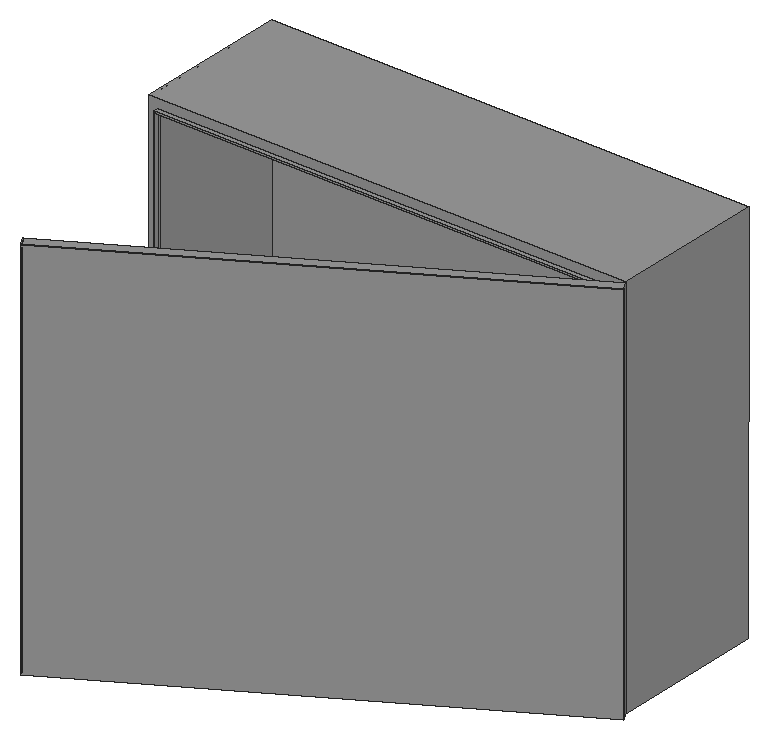
Revit family "Hager-Univers-IP55-D275-H650-Cl.II-Steel_encl-NoHosted-BE-en", category Equipement électrique, Revit 2020
Family settings
  Configuration du panneau = Deux colonnes, circuits au sein
  Cote de connecteur circulaire = Utiliser le diamètre
  Type d'élément = Tableau de raccordement
  Basée sur le plan de construction = Oui
  Toujours verticalement = Oui
  Couper avec des vides une fois chargée = Non
  Partagée = Non
  Point de calcul de pièce = Non
Parameters (values of type "Surface mounted (plaster) IP55 W800 H650 D275  - FR43S")
  Width Control [instance] = if([EF000008 - Width] > Min Width, [EF000008 - Width], Min Width)  # 800 mm
  Commentaires du type = [HG000003 - Range]  # "Univers"
  Thickness Door [instance] = if([EF009171 - Material plate thickness door/cover] > 3 mm, 3 mm, [EF009171 - Material plate thickness door/cover])  # 1.5 mm
  Seal Frame Offset [instance] = 17 mm  # constant formula
  Plinth Visibility [instance] = [HG000027 - Plinth height] > 0 mm  # no
  Min Width [instance] = 100 mm  # constant formula
  Min Depth [instance] = (2 * [EF009170 - Material plate thickness cabinet]) + 1 mm  # 4 mm
  Min Height [instance] = 100 mm  # constant formula
  Internal Frame Depth [instance] = (Door System Depth * 0.5)  # 9 mm
  Panel Name [instance] = ""  # (empty or 0)
  Model = ""
  HG000027 - Plinth height = 0 mm
  HG000026 - Floor standing = no
  HG000024 - Bottom section height = 600 mm
  HG000023 - Double section enclosure = no
  HG000016 - Door 3d visibility [instance] = yes
  HG000015 - Clearance visibility [instance] = no
  HG000014 - Door on the right [instance] = yes
  HG000013 - Door on the left [instance] = not([HG000014 - Door on the right])  # no
  HG000012 - Door swing angle [instance] = 30.00°
  HG000010 - Asymmetric doors = no
  HG000009 - Double swing door = no
  HG000006 - Flush mounted = no
  HG000004 - Manufacturer reference = "FR43S"
  HG000003 - Range = "Univers"
  HG000002 - With door or cover = yes
  Frame Offset Bottom [instance] = 10 mm  # constant formula
  Frame Offset [instance] = 15 mm  # constant formula
  EF015940 - Cover with overpressure release = no
  EF011959 - Degree of protection (NEMA) = ""
  EF009554 - Number of openings for flange plates = 6
  EF009212 - Cover model = "EV000116 - Closed"
  EF009171 - Material plate thickness door/cover = 1.5 mm
  EF009170 - Material plate thickness cabinet = 1.5 mm
  EF008873 - Nominal current (In) = 800 A
  EF007800 - Suitable for lightning protection = no
  EF006306 - With lock = no
  EF006244 - Transparent cover/door = no
  EF005474 - Degree of protection (IP) = "EV006420 - IP55"
  EF004464 - Type of door = "EV002646 - Single"
  EF004427 - Number of modules = 144
  EF004293 - Impact strength = "EV008784 - IK10"
  EF003532 - Suitable for outdoor use = no
  EF002950 - Width in number of modular spacings = 24
  EF001613 - Circuit integrity = "EV000494 - None"
  EF001596 - Material housing = "EV000179 - Steel"
  EF001131 - Internal depth = 275 mm
  EF001088 - Extension possible = yes
  EF000437 - Number of conduit inlets = 6
  EF000339 - Type of cover = "EV004216 - Door"
  EF000266 - Number of rows = 4
  EF000218 - Built-in depth = 0 mm
  EF000118 - With mounting plate = no
  EF000116 - RAL-number = "7035"
  EF000049 - Depth = 275 mm
  EF000040 - Height = 650 mm
  EF000008 - Width = 800 mm
  EF000007 - Colour = "EV000270 - Grey"
  EF000003 - Mounting method = "EV000384 - Surface mounted (plaster)"
  Door System Leaf Tolerance [instance] = 1.5 mm  # constant formula
  Door System Depth [instance] = 18 mm  # constant formula
  Door Height [instance] = Height Control - [HG000027 - Plinth height]  # 650 mm
  Description = ""
  Default Elevation = 1219.2 mm
  Connector Offset [instance] = Height Control / 2  # 325 mm
  Fabricant = "Hager"  # constant formula
  Height Control [instance] = if([EF000040 - Height] > Min Height, [EF000040 - Height], Min Height)  # 650 mm
  Depth Control [instance] = if([EF000049 - Depth] > Min Depth, [EF000049 - Depth], Min Depth)  # 275 mm
  Bottom Top Plate Trim [instance] = 1.5 mm  # constant formula
  Plinth height Ctrl [instance] = if([HG000027 - Plinth height] > 0 mm, [HG000027 - Plinth height], 12 mm)  # 12 mm
Types (5, lengths in mm): name | Width Control | HG000010 - Asymmetric doors | HG000009 - Double swing door | HG000004 - Manufacturer reference | EF009554 - Number of openings for flange plates | EF004464 - Type of door | EF004427 - Number of modules | EF000437 - Number of conduit inlets | EF000008 - Width
  Surface mounted (plaster) IP55 W1050 H650 D275  - FR44S | 1050 | no | yes | "FR44S" | 8 | "EV003602 - Double" | 192 | 8 | 1050
  Surface mounted (plaster) IP55 W1300 H650 D275  - FR45S | 1300 | yes | yes | "FR45S" | 10 | "EV003602 - Double" | 240 | 10 | 1300
  Surface mounted (plaster) IP55 W300 H650 D275  - FR41S | 300 | no | no | "FR41S" | 2 | "EV002646 - Single" | 48 | 2 | 300
  Surface mounted (plaster) IP55 W550 H650 D275  - FR42S | 550 | no | no | "FR42S" | 4 | "EV002646 - Single" | 96 | 4 | 550
  Surface mounted (plaster) IP55 W800 H650 D275  - FR43S | 800 | no | no | "FR43S" | 6 | "EV002646 - Single" | 144 | 6 | 800
Reference planes
  plane 1 "Center (Front/Back)": y = 0
  plane 2: z = 0
  plane 3 "Center (Left/Right)": x = 0
  plane 4: y = 0
  plane 5: y = 0
  plane 6: z = 0
  plane 7: x = -400
  plane 8: x = 400
  plane 9: x = 398.5
  plane 10: x = -398.5
  plane 11: z = 0
  plane 12: z = 1.5
  plane 13: y = -275
  plane 14: y = -1.5
  plane 15: x = 0
  plane 16: y = -257
  plane 17: y = -273.5
  plane 18: y = -255.5
  plane 19: x = -383.5
  plane 20: x = 383.5
  plane 21: z = 11.5
  plane 22: x = -383
  plane 23: x = 383
  plane 24: z = 0
  plane 25: z = 650
  plane 26: z = 650
  plane 27: z = 633.5
  plane 28: z = 648.5
Forms (mm)
  Extrusion 1, solid, material "Hager_Steel_RAL7035_Light_Grey", detail levels medium+fine
    sketch origin (-208.679, -4572, 0) x (-1, 0, 0) y (0, -1, 0)
      loop
        line (191.321, -4315) -> (-608.679, -4315) -> (-608.679, -4572) -> (191.321, -4572) -> (191.321, -4315)
    from 0 to 650
  Extrusion 2, void
    sketch origin (-350.771, -275, 1219.2) x (1, 0, 0) y (0, 0, 1)
      loop
        line (-47.729, -570.7) -> (-47.729, -1217.7) -> (749.271, -1217.7) -> (749.271, -570.7) -> (-47.729, -570.7)
    from -19.5 to -273.5
  Extrusion 3, void
    sketch origin (-290.084, -257, 1219.2) x (1, 0, 0) y (0, 0, 1)
      loop
        line (-93.416, -1207.7) -> (673.584, -1207.7) -> (673.584, -585.7) -> (-93.416, -585.7) -> (-93.416, -1207.7)
    from 0 to -1.5
  Extrusion 4, solid, material "Hager_Steel_RAL7035_Light_Grey", visible <- "Plinth Visibility", detail levels medium+fine
    sketch origin (0, 0, 0) x (1, 0, 0) y (0, 1, 0)
      loop
        line (-400, 0) -> (-400, -257) -> (400, -257) -> (400, 0) -> (-400, 0)
    from 0 to 12 <- "Plinth height Ctrl"
  Extrusion 5, solid, material "Hager_Steel_RAL7035_Light_Grey", detail levels coarse
    sketch origin (0, 0, 0) x (1, 0, 0) y (0, 1, 0)
      loop
        line (-400, 0) -> (-400, -275) -> (400, -275) -> (400, 0) -> (-400, 0)
    from 0 to 650 <- "Height Control"
  Sweep 6, void
    path in 3D
      loop
        line (-400, -257, 12) -> (400, -257, 12) -> (400, 0, 12) -> (-400, 0, 12) -> (-400, -257, 12)
    profile origin (-400, -128.5, 12) x (1, 0, 0) y (0, 0, 1)
      loop
        line (0, 0) -> (0, -1.5) -> (1.5, -1.5)
        arc (1.5, -1.5) -> (1.061, -0.439) -> (0, 0) r 1.5
  Extrusion 7, solid, material "Hager_Steel_RAL7035_Light_Grey", detail levels fine
    sketch origin (-400, -257, 0) x (1, 0, 0) y (0, 0, 1)
      loop
        line (16.5, 11.5) -> (783.5, 11.5) -> (783.5, 633.5) -> (16.5, 633.5) -> (16.5, 11.5)
      loop
        line (15, 10) -> (785, 10) -> (785, 635) -> (15, 635) -> (15, 10)
    from 0 to 9 <- "Internal Frame Depth"
Cuts and joins
  Extrusion 2, Extrusion 3 cuts Extrusion 1
  Sweep 6 cuts Extrusion 4
Lines and regions (mm)
  Masking region 1
    outline origin (0, 0, 0) x (1, 0, 0) y (0, 1, 0)
      loop
        line (-400, 0) -> (-400, -275) -> (400, -275) -> (400, 0) -> (-400, 0)
  Masking region 2, detail levels coarse
    outline origin (-290.084, -257, 1219.2) x (-1, 0, 0) y (0, 0, 1)
      loop
        line (-690.084, -1219.2) -> (109.916, -1219.2) -> (109.916, -569.2) -> (-690.084, -569.2) -> (-690.084, -1219.2)
  Masking region 3, detail levels coarse
    outline origin (0, 0, 0) x (0, 1, 0) y (0, 0, 1)
      loop
        line (0, 0) -> (0, 650) -> (-275, 650) -> (-275, 0) -> (0, 0)
  Masking region 4, visible <- "Plinth Visibility", detail levels medium+fine
    outline origin (0, 0, 0) x (0, 1, 0) y (0, 0, 1)
      loop
        line (-1.5, 12) -> (-255.5, 12)
        arc (-255.5, 12) -> (-255.939, 10.939) -> (-257, 10.5) r 1.5
        line (-257, 10.5) -> (-257, 0) -> (0, 0) -> (0, 10.5)
        arc (0, 10.5) -> (-1.061, 10.939) -> (-1.5, 12) r 1.5
  Masking region 5, detail levels medium+fine
    outline origin (0, 0, 594.038) x (0, 1, 0) y (0, 0, 1)
      loop
        line (0, -594.038) -> (0, 55.962) -> (-257, 55.962) -> (-257, -594.038) -> (0, -594.038)
  Masking region 6, detail levels medium+fine
    outline origin (-359.7, -257, 1211.883) x (-1, 0, 0) y (0, 0, 1)
      loop
        line (-759.7, -1211.883) -> (40.3, -1211.883) -> (40.3, -561.883) -> (-759.7, -561.883) -> (-759.7, -1211.883)
  Masking region 7, visible <- "Plinth Visibility", detail levels medium+fine
    outline origin (-320.334, -257, 1041.368) x (-1, 0, 0) y (0, 0, 1)
      loop
        line (-720.334, -1041.368) -> (79.666, -1041.368) -> (79.666, -1030.868)
        arc (79.666, -1030.868) -> (78.606, -1030.429) -> (78.166, -1029.368) r 1.5
        line (78.166, -1029.368) -> (-718.834, -1029.368)
        arc (-718.834, -1029.368) -> (-719.273, -1030.429) -> (-720.334, -1030.868) r 1.5
        line (-720.334, -1030.868) -> (-720.334, -1041.368)
  sketch lines
    curve 1: line (-400, 0, 12) -> (-400, -257, 12)
    curve 2: line (-400, -257, 12) -> (400, -257, 12)
    curve 3: line (400, 0, 12) -> (-400, 0, 12)
    curve 4: line (400, -257, 12) -> (400, 0, 12)
Dimensions and locks
  locked: plane 1 "Center (Front/Back)" to plane 5
  "EF009170 - Material plate thickness cabinet": plane 7 to plane 10
  "EF009170 - Material plate thickness cabinet": plane 8 to plane 9
  equal spacing: plane 7, plane 3 "Center (Left/Right)", plane 8
  "Width Control": plane 7 to plane 8
  "Depth Control": plane 4 to plane 13
  "EF009170 - Material plate thickness cabinet": plane 4 to plane 14
  "Height Control": plane 25 to level
  "HG000027 - Plinth height": plane 11 to level
  "EF009170 - Material plate thickness cabinet": plane 12 to plane 11
  "EF009170 - Material plate thickness cabinet": plane 17 to plane 13
  "EF009170 - Material plate thickness cabinet": plane 18 to plane 16
  "Frame Offset Bottom": plane 21 to plane 12
  "Frame Offset": plane 10 to plane 19
  "Frame Offset": plane 9 to plane 20
  "Door System Depth": plane 16 to plane 13
  "Seal Frame Offset": plane 7 to plane 22
  "Seal Frame Offset": plane 8 to plane 23
  "EF009170 - Material plate thickness cabinet": plane 26 to plane 28
  "Frame Offset": plane 28 to plane 27
  "Connector Offset": plane 2 to connector elem
  "Bottom Top Plate Trim": profile plane to Sweep 6 sketch curve
  "Bottom Top Plate Trim": Sweep 6 sketch curve to Sweep 6 sketch curve
  "Plinth height Ctrl": Masking region 4 sketch curve to level
  "Plinth height Ctrl": Masking region 7 sketch curve to level
  "Thickness Door": Extrusion 7 sketch curve to Extrusion 7 sketch curve  (x4)
  "Bottom Top Plate Trim": radius of Sweep 6 sketch curve
  "Bottom Top Plate Trim": radius of Masking region 4 sketch curve  (x2)
  "Bottom Top Plate Trim": radius of Masking region 7 sketch curve  (x2)
  aligned and locked: Extrusion 2 sketch curve to plane 12
  aligned and locked: Extrusion 2 sketch curve to plane 9
  aligned and locked: Extrusion 2 sketch curve to plane 10
  aligned and locked: Extrusion 2 to plane 14
  aligned and locked: Extrusion 1 sketch curve to plane 4
  aligned and locked: plane 8 to Extrusion 1 sketch curve
  aligned and locked: plane 7 to Extrusion 1 sketch curve
  aligned and locked: Extrusion 2 to plane 18
  aligned and locked: Extrusion 3 sketch curve to plane 19
  aligned and locked: plane 20 to Extrusion 3 sketch curve
  aligned and locked: Extrusion 3 to Extrusion 2
  aligned and locked: Extrusion 3 sketch curve to plane 21
  aligned and locked: plane 3 "Center (Left/Right)" to nested 1
  aligned and locked: Extrusion 1 sketch curve to plane 16
  aligned and locked: Extrusion 4 sketch curve to cut or joined group of Extrusion 1, Extrusion 2, Extrusion 3
  aligned and locked: Masking region 1 sketch curve to plane 7
  aligned and locked: Masking region 1 sketch curve to plane 5
  aligned and locked: Masking region 1 sketch curve to plane 8
  aligned and locked: Masking region 2 sketch curve to level
  aligned and locked: level to Masking region 3 sketch curve
  aligned and locked: plane 1 "Center (Front/Back)" to Masking region 3 sketch curve
  aligned and locked: plane 13 to Masking region 3 sketch curve
  aligned and locked: plane 5 to Masking region 4 sketch curve
  aligned and locked: Masking region 2 sketch curve to plane 8
  aligned and locked: Masking region 2 sketch curve to plane 7
  aligned and locked: plane 7 to nested 2
  aligned and locked: nested 2 to plane 5
  aligned and locked: plane 5 to Masking region 5 sketch curve
  aligned and locked: plane 26 to Masking region 5 sketch curve
  aligned and locked: Extrusion 5 sketch curve to plane 8
  aligned and locked: Extrusion 5 sketch curve to plane 7
  aligned and locked: Extrusion 5 sketch curve to plane 5
  aligned and locked: Extrusion 3 sketch curve to plane 27
  aligned and locked: Extrusion 2 sketch curve to plane 28
  aligned and locked: Masking region 2 to plane 25
  aligned and locked: Extrusion 4 to plane 16
  aligned and locked: profile plane to Sweep 6 sketch curve
  aligned and locked: Masking region 5 sketch curve to plane 24
  aligned and locked: level to Masking region 4 sketch curve
  aligned and locked: Masking region 1 to plane 13
  aligned and locked: nested 1 to plane 16
  aligned and locked: Masking region 3 to plane 25
  aligned and locked: plane 16 to Masking region 4 sketch curve
  aligned and locked: Masking region 5 sketch curve to plane 16
  aligned and locked: plane 24 to plane 11
  aligned and locked: plane 26 to plane 25
  aligned and locked: plane 26 to cut or joined group of Extrusion 1, Extrusion 2, Extrusion 3
  aligned and locked: nested 1 to plane 24
  aligned and locked: Extrusion 1 to Extrusion 3
  aligned and locked: Masking region 6 sketch curve to plane 8
  aligned and locked: Masking region 6 sketch curve to plane 24
  aligned and locked: Masking region 6 sketch curve to plane 7
  aligned and locked: Masking region 6 sketch curve to plane 26
  aligned and locked: Masking region 7 sketch curve to plane 7
  aligned and locked: level to Masking region 7 sketch curve
  aligned and locked: Masking region 7 sketch curve to plane 8
  aligned and locked: Extrusion 7 sketch curve to cut or joined group of Extrusion 1, Extrusion 2, Extrusion 3  (x4)
Automatic sketch dimensions
  plane 19 to Extrusion 3 sketch curve = 0 mm
  Extrusion 3 sketch curve to plane 20 = 0 mm
  Extrusion 3 sketch curve to plane 21 = 0 mm
  Extrusion 4 sketch curve to plane 7 = 0 mm
  Extrusion 4 sketch curve to plane 8 = 0 mm
  Extrusion 4 sketch curve to plane 16 = 0 mm
  Masking region 1 sketch curve to plane 13 = 0 mm
  Masking region 2 sketch curve to plane 25 = 0 mm
  Masking region 3 sketch curve to plane 25 = 0 mm
  Extrusion 5 sketch curve to plane 13 = 0 mm
  profile plane to Sweep 6 sketch curve = 0 mm
Nested families
  nested 1: "EC000058_Univers_Door" at (0, -257, 0), Double <- "HG000009 - Double swing door", Transparent <- "EF006244 - Transparent cover/door", Angle <- "HG000012 - Door swing angle", Door_Right <- "HG000014 - Door on the right", Assymetrical <- "HG000010 - Asymmetric doors", Door <- "HG000002 - With door or cover", Width_Ctrl <- "Width Control", 3d_Door <- "HG000016 - Door 3d visibility", Clearance <- "HG000015 - Clearance visibility", Door_Left <- "HG000013 - Door on the left", Width <- "Width Control", Door_Depth <- "Door System Depth", Leaf_Tolerance <- "Door System Leaf Tolerance", Height <- "Door Height", Lock_Visibility <- "EF006306 - With lock", Thickness <- "Thickness Door", type "EC000058_Univers_Door", detail levels medium+fine
    with min_wh 4 mm, Width_Ctrl 800 mm, Width 800 mm, Transparent no, Thickness 1.5 mm, Seal_Material Hager_Rubber, Lock_Visibility no, Lock_Material Hager_Plastic_RAL9005_Jet_Black, Leaf_Width 800 mm, Leaf_Tolerance_External_Sides 0 mm, Leaf_Tolerance 1.5 mm, Leaf_Offset 0 mm, Leaf_Height 647 mm, Leaf_2_Width 800 mm, Leaf_2_Offset 400 mm, Leaf_1_Width 800 mm, Leaf_1_Offset 400 mm, Height_Ctrl 650 mm, Height 650 mm, Glass_Material Hager_Glass, Double_Clearance_Ctrl no, Double no, Door_Right_Ctrl yes, Door_Right yes, Door_Material Hager_Steel_RAL7035_Light_Grey, Door_Left_Ctrl no, Door_Left no, Door_Depth 18 mm, Door yes, Clearance_Material Hager_Clearance, Clearance_Depth 800 mm, Clearance_Ctrl no, Clearance no, Assymetrical no, Angle 30.00°, 3d_Door yes
  nested 2: "Hager_Enclosure_Symbol" at (-400, 0, 0), Height <- "Depth Control", Width <- "Width Control", type "Hager_Enclosure_Symbol"
    with Width_Ctrl 800 mm, Width 800 mm, Height_Ctrl 275 mm, Height 275 mm, A_Width_Int 18.047 mm, A_Width 216.562 mm, A_Height_Ctrl 240.625 mm, A_Height 240.625 mm
Connectors
  electrical at (0, 0, 325)
    settings: on plane 1 "Center (Front/Back)", index 1, voltage 0 V, apparent load 0 VA, apparent load phase1 0 VA, apparent load phase2 0 VA, apparent load phase3 0 VA, power factor 1, load classification "Other", number of poles 1, system type 30, power factor state 1, is connector primary yes, connector utility no, sub classification motor no, connector description ""
Definition of nested family "EC000058_Univers_Door"
  Parameters (values of type "EC000058_Univers_Door")
    min_wh [instance] = (2 * Thickness) + 1 mm  # 11 mm
    Width_Ctrl [instance] = 400 mm
    Width [instance] = 500 mm
    Transparent [instance] = yes
    Thickness [instance] = 5 mm
    Seal_Material [instance] = none
    Lock_Visibility [instance] = yes
    Lock_Material [instance] = none
    Leaf_Width [instance] = if((Width_Ctrl - 2 * Leaf_Tolerance_External_Sides) > 0 mm, (Width_Ctrl - 2 * Leaf_Tolerance_External_Sides), min_wh)  # 400 mm
    Leaf_Tolerance_External_Sides [instance] = 0 mm  # constant formula
    Leaf_Tolerance [instance] = 1.5 mm
    Leaf_Offset [instance] = 0 mm  # constant formula
    Leaf_Height [instance] = if((Height_Ctrl - 2 * Leaf_Tolerance) > 0 mm, (Height_Ctrl - 2 * Leaf_Tolerance), min_wh)  # 497 mm
    Leaf_2_Width [instance] = if(and(and(Double, Assymetrical), Door_Left), (Leaf_Width / 3) - (Leaf_Tolerance / 2), if(and(and(Double, Assymetrical), Door_Right), (Leaf_Width / 3) * 2 - (Leaf_Tolerance / 2), if(and(Double, not(Assymetrical)), (Leaf_Width / 2) - Leaf_Tolerance, Leaf_Width)))  # 400 mm
    Leaf_2_Offset [instance] = if(and(Double, Assymetrical), Leaf_2_Width / 2, if(and(Double, not(Assymetrical)), Leaf_Width / 4, Leaf_Width / 2))  # 200 mm
    Leaf_1_Width [instance] = if(and(and(Double, Assymetrical), Door_Right), (Leaf_Width / 3) - (Leaf_Tolerance / 2), if(and(and(Double, Assymetrical), Door_Left), (Width / 3) * 2 - (Leaf_Tolerance / 2), if(and(Double, not(Assymetrical)), (Leaf_Width / 2) - Leaf_Tolerance, Leaf_Width)))  # 400 mm
    Leaf_1_Offset [instance] = if(and(Double, Assymetrical), Leaf_1_Width / 2, if(and(Double, not(Assymetrical)), Leaf_Width / 4, Leaf_Width / 2))  # 200 mm
    Height_Ctrl [instance] = if(Height > min_wh, Height, min_wh)  # 500 mm
    Height [instance] = 500 mm
    Glass_Material [instance] = none
    Double_Clearance_Ctrl [instance] = and(Double, Clearance)  # no
    Double [instance] = no
    Door_Right_Ctrl [instance] = and(or(Door_Right, Double), Door)  # yes
    Door_Right [instance] = yes
    Door_Material [instance] = none
    Door_Left_Ctrl [instance] = and(or(Door_Left, Double), Door)  # no
    Door_Left [instance] = no
    Door_Depth [instance] = 30 mm
    Door [instance] = yes
    Default Elevation = 1219.2 mm
    Clearance_Material [instance] = none
    Clearance_Depth [instance] = if(Leaf_1_Width > Leaf_2_Width, Leaf_1_Width, Leaf_2_Width)  # 400 mm
    Clearance_Ctrl [instance] = and(not(Double), Clearance)  # yes
    Clearance [instance] = yes
    Assymetrical [instance] = yes
    Angle [instance] = 30.00°
    3d_Door [instance] = yes
  Reference planes
    plane 1 "Center (Front/Back)": y = 0
    plane 2 "Bottom": z = 0
    plane 3 "Center (Left/Right)": x = 0
    plane 4: z = 500
    plane 5: x = -200
    plane 6: x = 200
    plane 7: z = 500
    plane 8: x = -200
    plane 9: z = 0
    plane 10: x = 200
    plane 11: y = 0
    plane 12: z = 1.5
    plane 13: x = -600
    plane 14: y = -400
    plane 15: x = 600
    plane 16: x = 0
    plane 17: x = 0
    plane 18: x = -200
    plane 19: x = 200
    plane 20: z = 498.5
  Forms (mm)
    Extrusion 1, solid, material <- "Clearance_Material", visible <- "Double_Clearance_Ctrl"
      sketch origin (1200, 0, 0) x (1, 0, 0) y (0, 0, -1)
        loop
          line (-1800, -498.5) -> (-600, -498.5) -> (-600, 0) -> (-1800, 0) -> (-1800, -498.5)
      from 0 to -400
  Dimensions and locks
    equal spacing: plane 5, plane 3 "Center (Left/Right)", plane 6
    "Width_Ctrl": plane 5 to plane 6
    "Leaf_Offset": plane 5 to plane 8
    "Leaf_Offset": plane 6 to plane 10
    "Leaf_Offset": plane 9 to level
    "Leaf_Offset": plane 4 to plane 7
    "Height_Ctrl": plane 4 to level
    "Leaf_Tolerance": plane 12 to plane 9
    locked: plane 11 to plane 1 "Center (Front/Back)"
    "Leaf_1_Offset": plane 18 to plane 16
    "Leaf_2_Offset": plane 17 to plane 19
    "Leaf_1_Width": plane 13 to plane 8
    "Leaf_2_Width": plane 10 to plane 15
    "Clearance_Depth": plane 14 to plane 1 "Center (Front/Back)"
    "Leaf_Tolerance_External_Sides": plane 8 to plane 18
    "Leaf_Tolerance_External_Sides": plane 19 to plane 10
    "Leaf_Tolerance": plane 7 to plane 20
    aligned and locked: level to plane 2 "Bottom"
    aligned and locked: nested 1 to plane 16
    aligned and locked: nested 2 to plane 17
    aligned and locked: Extrusion 1 to plane 13
    aligned and locked: plane 15 to Extrusion 1
    aligned and locked: Extrusion 1 to plane 14
    aligned and locked: plane 12 to nested 1
    aligned and locked: nested 2 to plane 12
    aligned and locked: Extrusion 1 to plane 11
    aligned and locked: plane 20 to Extrusion 1
    aligned and locked: nested 2 to plane 11
    aligned and locked: nested 1 to plane 11
  Automatic sketch dimensions
    Extrusion 1 sketch curve to level = 0 mm
    plane 5 to Extrusion 1 sketch curve = 400 mm
    plane 6 to Extrusion 1 sketch curve = 400 mm
    Extrusion 1 sketch curve to plane 4 = 1.5 mm
  Nested families
    nested 1: "EC000058_Univers_Door_Leaf" at (0, 0, 1.5), Width <- "Leaf_1_Width", visible <- "Door_Left_Ctrl", Leaf_Height <- "Leaf_Height", Angle <- "Angle", 3d_Door <- "3d_Door", Transparent <- "Transparent", Clearance Material <- "Clearance_Material", Clearance <- "Clearance_Ctrl", Door_Material <- "Door_Material", Glass_Material <- "Glass_Material", Door_Depth <- "Door_Depth", Lock_Material <- "Lock_Material", Seal_Material <- "Seal_Material", Lock_Visibility <- "Lock_Visibility", Thickness <- "Thickness", type "EC000058_Univers_Door_Leaf"
      with Width 400 mm, Transparent_Glass_Offset 30 mm, Transparent_Ctrl yes, Transparent yes, Thickness 5 mm, Standard no, Seal_Material none, Seal_D2 8 mm, Seal_D1 1 mm, Offset_Internal_Frame 10 mm, Lock_Width 20 mm, Lock_Visibility_3d yes, Lock_Visibility yes, Lock_Thickness_3 3 mm, Lock_Thickness_2 1 mm, Lock_Thickness_1 3 mm, Lock_Radius_Offset_2 16 mm, Lock_Radius_Offset_1 15 mm, Lock_Radius_2 5 mm, Lock_Radius 6 mm, Lock_Offset 5 mm, Lock_Material none, Lock_Height 80 mm, Lock_Cover_Top_Offset_2d 17 mm, Lock_Cover_Height -65 mm, Leaf_Height 497 mm, Internal_Seal_Thickness 8 mm, Internal_Seal_Depth_2 4.5 mm, Internal_Frame_Depth 25 mm, Glass_Thickness -1 mm, Glass_Offset -2 mm, Glass_Material none, Door_Material none, Door_Depth 30 mm, Clearance Material none, Clearance yes, Angle_Ctrl 30.00°, Angle 30.00°, 3d_Door yes
    nested 2: "EC000058_Univers_Door_Leaf" at (0, 0, 1.5) x (-1, 0, 0) z (0, 0, 1), Width <- "Leaf_2_Width", visible <- "Door_Right_Ctrl", Leaf_Height <- "Leaf_Height", Angle <- "Angle", 3d_Door <- "3d_Door", Transparent <- "Transparent", Clearance Material <- "Clearance_Material", Clearance <- "Clearance_Ctrl", Door_Material <- "Door_Material", Glass_Material <- "Glass_Material", Door_Depth <- "Door_Depth", Lock_Material <- "Lock_Material", Seal_Material <- "Seal_Material", Lock_Visibility <- "Lock_Visibility", Thickness <- "Thickness", type "EC000058_Univers_Door_Leaf"
      with Width 400 mm, Transparent_Glass_Offset 30 mm, Transparent_Ctrl yes, Transparent yes, Thickness 5 mm, Standard no, Seal_Material none, Seal_D2 8 mm, Seal_D1 1 mm, Offset_Internal_Frame 10 mm, Lock_Width 20 mm, Lock_Visibility_3d yes, Lock_Visibility yes, Lock_Thickness_3 3 mm, Lock_Thickness_2 1 mm, Lock_Thickness_1 3 mm, Lock_Radius_Offset_2 16 mm, Lock_Radius_Offset_1 15 mm, Lock_Radius_2 5 mm, Lock_Radius 6 mm, Lock_Offset 5 mm, Lock_Material none, Lock_Height 80 mm, Lock_Cover_Top_Offset_2d 17 mm, Lock_Cover_Height -65 mm, Leaf_Height 497 mm, Internal_Seal_Thickness 8 mm, Internal_Seal_Depth_2 4.5 mm, Internal_Frame_Depth 25 mm, Glass_Thickness -1 mm, Glass_Offset -2 mm, Glass_Material none, Door_Material none, Door_Depth 30 mm, Clearance Material none, Clearance yes, Angle_Ctrl 30.00°, Angle 30.00°, 3d_Door yes
  Definition of nested family "EC000058_Univers_Door_Leaf"
    Parameters (values of type "EC000058_Univers_Door_Leaf")
      Width [instance] = 2000 mm
      Transparent_Glass_Offset [instance] = 30 mm
      Transparent_Ctrl [instance] = and(Transparent, [3d_Door])  # yes
      Transparent [instance] = yes
      Thickness [instance] = 5 mm
      Standard [instance] = and(not(Transparent), [3d_Door])  # no
      Seal_Material [instance] = none
      Seal_D2 [instance] = 8 mm  # constant formula
      Seal_D1 [instance] = 1 mm  # constant formula
      Offset_Internal_Frame [instance] = 10 mm  # constant formula
      Lock_Width [instance] = 20 mm  # constant formula
      Lock_Visibility_3d [instance] = and(Lock_Visibility, [3d_Door])  # yes
      Lock_Visibility [instance] = yes
      Lock_Thickness_3 [instance] = 3 mm  # constant formula
      Lock_Thickness_2 [instance] = 1 mm  # constant formula
      Lock_Thickness_1 [instance] = 3 mm  # constant formula
      Lock_Radius_Offset_2 [instance] = Lock_Radius_Offset_1 + 1 mm  # 16 mm
      Lock_Radius_Offset_1 [instance] = 15 mm  # constant formula
      Lock_Radius_2 [instance] = Lock_Radius - 1 mm  # 5 mm
      Lock_Radius [instance] = 6 mm  # constant formula
      Lock_Offset [instance] = 5 mm  # constant formula
      Lock_Material [instance] = none
      Lock_Height [instance] = 80 mm  # constant formula
      Lock_Cover_Top_Offset_2d [instance] = Lock_Radius_Offset_2 + 1 mm  # 17 mm
      Lock_Cover_Height [instance] = -(Lock_Height - Lock_Radius_Offset_1)  # -65 mm
      Leaf_Height [instance] = 2720.336 mm
      Internal_Seal_Thickness [instance] = 8 mm  # constant formula
      Internal_Seal_Depth_2 [instance] = 4.5 mm  # constant formula
      Internal_Frame_Depth [instance] = if(Door_Depth - Thickness > 5 mm, Door_Depth - Thickness, 5 mm)  # 25 mm
      Glass_Thickness [instance] = if(Thickness > 15 mm, Glass_Offset + 10 mm, -1 mm)  # -1 mm
      Glass_Offset [instance] = if(Thickness > 15 mm, -(Thickness + 10 mm) / 2, -2 mm)  # -2 mm
      Glass_Material [instance] = none
      Door_Material [instance] = none
      Door_Depth [instance] = 30 mm
      Default Elevation = 0 mm
      Clearance Material [instance] = none
      Clearance [instance] = yes
      Angle_Ctrl [instance] = if(Angle > 180.00°, 180.00°, Angle)  # 90.00°
      Angle [instance] = 90.00°
      3d_Door [instance] = yes
    Reference planes
      plane 1 "Center (Front/Back)": y = 0
      plane 2: z = 0
      plane 3 "Center (Left/Right)": x = 0
      plane 4: y = 2000
      plane 5: x = -1000
      plane 6: x = 1000
      plane 7: x = -3000
      plane 8: z = 2720.336
      plane 9: z = 30
      plane 10: z = 2690.336
      plane 11: x = 970
      plane 12: x = -970
      plane 13: y = -3
      plane 14: z = 107.833
      plane 15: y = -5
      plane 16: y = -223.314
      plane 17: x = -1000
      plane 18: z = 1360.168
      plane 19: y = 30
    Forms (mm)
      Extrusion 1, solid, material <- "Clearance Material", visible <- "Clearance"
        sketch origin (0, 0, 0) x (1, 0, 0) y (0, 0, 1)
          loop
            line (-3000, 2720.336) -> (-3000, 0) -> (1000, 0) -> (1000, 2720.336) -> (-3000, 2720.336)
        from 0 to -2000
      Extrusion 2, solid, material <- "Door_Material", visible <- "Standard", detail levels medium+fine
        sketch origin (-1000, 0, 0) x (0, 1, 0) y (-1, 0, 0)
          loop
            line (0, 30) -> (0, 25) -> (2000, 25) -> (2000, 30) -> (0, 30)
        from 0 to 2720.336 <- "Leaf_Height"
      Extrusion 3, solid, material <- "Door_Material", visible <- "Transparent_Ctrl", detail levels medium+fine
        sketch origin (-1000, 0, 0) x (0, 1, 0) y (-1, 0, 0)
          loop
            line (0, 25) -> (2000, 25) -> (2000, 30) -> (0, 30) -> (0, 25)
        from 0 to 2720.336 <- "Leaf_Height"
      Extrusion 4, void
        sketch origin (-1025, 2000, 0) x (0, 1, 0) y (0, 0, -1)
          loop
            line (-30, -2690.336) -> (-30, -30) -> (-1970, -30) -> (-1970, -2690.336) -> (-30, -2690.336)
        from 0 to 5 <- "Thickness"
      Sweep 5, solid, material <- "Seal_Material", visible <- "Transparent_Ctrl", detail levels fine
        path in 3D
          loop
            line (-1025, 30, 30) -> (-1025, 30, 2690.336) -> (-1025, 1970, 2690.336) -> (-1025, 1970, 30) -> (-1025, 30, 30)
        profile origin (-1025, 1000, 30) x (1, 0, 0) y (0, 0, 1)
          loop
            line (0, 0) -> (0, -8) -> (1, -8) -> (1, 0) -> (0, 0)
      Extrusion 6, solid, material <- "Glass_Material", visible <- "Transparent_Ctrl", detail levels medium+fine
        sketch origin (-1030, 0, 0) x (0, 1, 0) y (0, 0, -1)
          loop
            line (1970, -2690.336) -> (1970, -30) -> (30, -30) -> (30, -2690.336) -> (1970, -2690.336)
        from -2 <- "Glass_Offset" to -1 <- "Glass_Thickness"
      Extrusion 7, solid, material <- "Door_Material", visible <- "3d_Door", detail levels medium+fine
        sketch origin (-1025, 2000, 0) x (0, -1, 0) y (0, 0, -1)
          loop
            line (0, -2720.336) -> (2000, -2720.336) -> (2000, 0) -> (0, 0) -> (0, -2720.336)
          loop
            line (1995, -5) -> (5, -5) -> (5, -2715.336) -> (1995, -2715.336) -> (1995, -5)
        from 0 to 25 <- "Internal_Frame_Depth"
      Sweep 8, solid, material <- "Seal_Material", visible <- "Transparent_Ctrl", detail levels fine
        path in 3D
          loop
            line (-1025, 0, 0) -> (-1025, 2000, 0) -> (-1025, 2000, 2720.336) -> (-1025, 0, 2720.336) -> (-1025, 0, 0)
        profile origin (-1025, 0, 1360.168) x (1, 0, 0) y (0, 1, 0)
          loop
            line (0, 10) -> (2.975, 10)
            arc (2.975, 10) -> (4.053, 10.447) -> (4.5, 11.525) r 1.525
            line (4.5, 11.525) -> (4.5, 16.527)
            arc (4.5, 16.527) -> (4.069, 17.569) -> (3.027, 18) r 1.473
            line (3.027, 18) -> (0, 18) -> (0, 10)
      Extrusion 9, solid, material <- "Lock_Material", visible <- "Lock_Visibility_3d", detail levels fine
        sketch origin (-1030, 0, 0) x (0, 1, 0) y (0, 0, -1)
          loop
            arc (1993.5, -1400.168) -> (1994.561, -1399.729) -> (1995, -1398.668) r 1.5
            line (1995, -1398.668) -> (1995, -1320.168) -> (1975, -1320.168) -> (1975, -1398.668)
            arc (1975, -1398.668) -> (1975.439, -1399.729) -> (1976.5, -1400.168) r 1.5
            line (1976.5, -1400.168) -> (1993.5, -1400.168)
        from 3 <- "Lock_Thickness_1" to 0
      Blend 10, solid, material <- "Lock_Material", visible <- "Lock_Visibility_3d", detail levels fine
        base sketch origin (-1033, 0, 0) x (0, 1, 0) y (0, 0, -1)
          loop
            line (1975, -1320.168) -> (1975, -1398.668)
            arc (1975, -1398.668) -> (1975.439, -1399.729) -> (1976.5, -1400.168) r 1.5
            line (1976.5, -1400.168) -> (1993.5, -1400.168)
            arc (1993.5, -1400.168) -> (1994.561, -1399.729) -> (1995, -1398.668) r 1.5
            line (1995, -1398.668) -> (1995, -1320.168) -> (1975, -1320.168)
        top sketch origin (-1033, 0, 0) x (0, 1, 0) y (0, 0, -1)
          loop
            line (1976, -1320.168) -> (1976, -1398.668)
            arc (1976, -1398.668) -> (1976.146, -1399.022) -> (1976.5, -1399.168) r 0.5
            line (1976.5, -1399.168) -> (1993.5, -1399.168)
            arc (1993.5, -1399.168) -> (1993.854, -1399.022) -> (1994, -1398.668) r 0.5
            line (1994, -1398.668) -> (1994, -1320.168) -> (1976, -1320.168)
        from 0 to 1 <- "Lock_Thickness_2"
      Blend 11, solid, material <- "Lock_Material", visible <- "Lock_Visibility_3d", detail levels fine
        base sketch origin (-1034, 0, 0) x (0, 1, 0) y (0, 0, -1)
          loop
            line (1978, -1320.168) -> (1978, -1384.168)
            arc (1978, -1384.168) -> (1985, -1391.168) -> (1992, -1384.168) r 7
            line (1992, -1384.168) -> (1992, -1320.168) -> (1978, -1320.168)
        top sketch origin (-1034, 0, 0) x (0, 1, 0) y (0, 0, -1)
          loop
            line (1991, -1320.168) -> (1979, -1320.168) -> (1979, -1383.168)
            arc (1979, -1383.168) -> (1985, -1389.168) -> (1991, -1383.168) r 6
            line (1991, -1383.168) -> (1991, -1320.168)
        from 0 to 3 <- "Lock_Thickness_3"
      Extrusion 12, solid, material <- "Lock_Material", visible <- "Lock_Visibility_3d", detail levels fine
        sketch origin (-1030, 1975, 1320.168) x (1, 0, 0) y (0, -1, 0)
          loop
            line (-7, -19) -> (-7, -1) -> (0, -1) -> (0, 0) -> (-8, 0) -> (-8, -20) -> (0, -20) -> (0, -19) -> (-7, -19)
        from 0 to -65 <- "Lock_Cover_Height"
      Extrusion 13, void
        sketch origin (-1038, 1995, 1320.168) x (-1, 0, 0) y (0, 0, -1)
          loop
            line (-5, -65) -> (0, -65) -> (-5, -60) -> (-5, -65)
        from 0 to 20 <- "Lock_Width"
      Extrusion 14, void
        sketch origin (-1038, 1975, 1320.168) x (0, -1, 0) y (0, 0, -1)
          loop
            circle (-10, -15.995) r 6
          loop
            circle (-10, -15.995) r 5
        from 0 to 2
      Extrusion 15, solid, material <- "Lock_Material", visible <- "Lock_Visibility_3d", detail levels medium
        sketch origin (-1030, 0, 0) x (0, 1, 0) y (0, 0, -1)
          loop
            arc (1993.5, -1400.168) -> (1994.561, -1399.729) -> (1995, -1398.668) r 1.5
            line (1995, -1398.668) -> (1995, -1320.168) -> (1975, -1320.168) -> (1975, -1398.668)
            arc (1975, -1398.668) -> (1975.439, -1399.729) -> (1976.5, -1400.168) r 1.5
            line (1976.5, -1400.168) -> (1993.5, -1400.168)
        from 8 to 0
    Cuts and joins
      Extrusion 4 cuts Extrusion 3
      Extrusion 13, Extrusion 14 cuts Extrusion 9
      Extrusion 14 cuts Blend 11
      Extrusion 13, Extrusion 14 cuts Extrusion 12
      joined: Extrusion 9, Blend 10, Blend 11, Extrusion 12
      Extrusion 14 cuts Extrusion 15
    Lines and regions (mm)
      Masking region 1, visible <- "Lock_Visibility", detail levels fine
        outline origin (0, 0, 0) x (0, 1, 0) y (0, 0, 1)
          loop
            line (30, 1320.168) -> (33, 1320.168) -> (33, 1400.168) -> (30, 1400.168) -> (30, 1320.168)
      Masking region 2, visible <- "Lock_Visibility", detail levels fine
        outline origin (0, 3.143, 0) x (0, 1, 0) y (0, 0, 1)
          loop
            line (29.857, 1354.168) -> (30.857, 1354.168) -> (30.857, 1366.168) -> (29.857, 1366.168) -> (29.857, 1354.168)
      Masking region 3, detail levels medium+fine
        outline origin (0, 0, 0) x (0, 1, 0) y (0, 0, 1)
          loop
            line (0, 0) -> (30, 0) -> (30, 2720.336) -> (0, 2720.336) -> (0, 0)
      Masking region 4, detail levels medium+fine
        outline origin (0, 0, 0) x (1, 0, 0) y (0, 0, 1)
          loop
            line (-1000, 2720.336) -> (-1000, 0) -> (1000, 0) -> (1000, 2720.336) -> (-1000, 2720.336)
      Masking region 5, visible <- "Lock_Visibility", detail levels fine
        outline origin (-47.116, 0, 0) x (1, 0, 0) y (0, 0, 1)
          loop
            arc (1024.616, 1399.168) -> (1023.556, 1398.729) -> (1023.116, 1397.668) r 1.5
            line (1023.116, 1397.668) -> (1023.116, 1320.168) -> (1041.116, 1320.168) -> (1041.116, 1397.668)
            arc (1041.116, 1397.668) -> (1040.677, 1398.729) -> (1039.616, 1399.168) r 1.5
            line (1039.616, 1399.168) -> (1024.616, 1399.168)
      Masking region 6, visible <- "Lock_Visibility", detail levels medium+fine
        outline origin (-25, 0, 0) x (1, 0, 0) y (0, 0, 1)
          loop
            arc (1001.5, 1400.168) -> (1000.439, 1399.729) -> (1000, 1398.668) r 1.5
            line (1000, 1398.668) -> (1000, 1320.168) -> (1020, 1320.168) -> (1020, 1398.668)
            arc (1020, 1398.668) -> (1019.561, 1399.729) -> (1018.5, 1400.168) r 1.5
            line (1018.5, 1400.168) -> (1001.5, 1400.168)
      Masking region 7, visible <- "Lock_Visibility", detail levels fine
        outline origin (-73.735, 0, 0) x (1, 0, 0) y (0, 0, 1)
          loop
            line (1051.735, 1382.168) -> (1065.735, 1382.168) -> (1065.735, 1384.168)
            arc (1065.735, 1384.168) -> (1058.735, 1391.168) -> (1051.735, 1384.168) r 7
            line (1051.735, 1384.168) -> (1051.735, 1382.168)
      Masking region 8, visible <- "Lock_Visibility", detail levels fine
        outline origin (-73.735, 0, 0) x (1, 0, 0) y (0, 0, 1)
          loop
            line (1052.735, 1382.168) -> (1064.735, 1382.168) -> (1064.735, 1383.168)
            arc (1064.735, 1383.168) -> (1058.735, 1389.168) -> (1052.735, 1383.168) r 6
            line (1052.735, 1383.168) -> (1052.735, 1382.168)
      Masking region 9, visible <- "Lock_Visibility", detail levels fine
        outline origin (-25, 0, 0) x (1, 0, 0) y (0, 0, 1)
          loop
            line (1020, 1320.168) -> (1020, 1382.168) -> (1000, 1382.168) -> (1000, 1320.168) -> (1020, 1320.168)
      Masking region 10, detail levels medium+fine
        outline origin (0, 0, 0) x (1, 0, 0) y (0, 0, 1)
          loop
            circle (985, 1335.144) r 6
      Masking region 11, detail levels fine
        outline origin (0, 0, 0) x (1, 0, 0) y (0, 0, 1)
          loop
            circle (985, 1335.144) r 5
      Masking region 12, visible <- "Lock_Visibility", detail levels fine
        outline origin (0, 12.767, 0) x (0, 1, 0) y (0, 0, 1)
          loop
            line (20.233, 1320.168) -> (21.233, 1320.168) -> (21.233, 1399.168) -> (20.233, 1400.168) -> (20.233, 1320.168)
      Masking region 13, visible <- "Lock_Visibility", detail levels fine
        outline origin (0, 13.767, -10) x (0, 1, 0) y (0, 0, 1)
          loop
            line (20.233, 1330.168) -> (23.233, 1330.168) -> (23.233, 1399.168) -> (20.233, 1402.168) -> (20.233, 1330.168)
      Masking region 14, visible <- "Lock_Visibility", detail levels fine
        outline origin (0, 12.767, -10) x (0, 1, 0) y (0, 0, 1)
          loop
            line (20.233, 1330.168) -> (25.233, 1330.168) -> (25.233, 1399.305) -> (20.233, 1394.305) -> (20.233, 1330.168)
      Masking region 15, visible <- "Lock_Visibility", detail levels medium
        outline origin (0, 0, 0) x (0, 1, 0) y (0, 0, 1)
          loop
            line (30, 1320.168) -> (38, 1320.168) -> (38, 1400.168) -> (30, 1400.168) -> (30, 1320.168)
      Masking region 16, visible <- "Lock_Visibility", detail levels fine
        outline origin (-1000, 0, 0) x (0, 1, 0) y (-1, 0, 0)
          loop
            line (1975, 30) -> (1995, 30) -> (1995, 38) -> (1975, 38) -> (1975, 30)
          loop
            line (1979, 37) -> (1976, 37) -> (1976, 34) -> (1978, 34) -> (1979, 37)
          loop
            line (1994, 37) -> (1991, 37) -> (1992, 34) -> (1994, 34) -> (1994, 37)
      Masking region 17, visible <- "Lock_Visibility", detail levels medium
        outline origin (-1000, 0, 0) x (0, 1, 0) y (-1, 0, 0)
          loop
            line (1975, 30) -> (1995, 30) -> (1995, 38) -> (1975, 38) -> (1975, 30)
      symbolic lines
        curve 1: line (1000, 0, 0) -> (-3000, 0, 0)
        curve 2: arc (1000, 0, 0) -> (-1000, 2000, 0) -> (-3000, 0, 0) r 2000
        curve 4: line (-1030, 0, 0) -> (-1030, 2000, 0)
      reference lines
        curve 3: line (-1000, 0, 0) -> (-1000, 2000, 0)
      symbolic lines, detail levels medium+fine
        curve 5: line (-1030, 2000, 0) -> (-1025, 2000, 0)
        curve 7: line (-1025, 0, 0) -> (-1030, 0, 0)
        curve 8: line (-1025, 0, 0) -> (-1000, 0, 0)
        curve 9: line (-1000, 0, 0) -> (-1000, 2000, 0)
        curve 10: line (-1000, 2000, 0) -> (-1025, 2000, 0)
      symbolic lines, detail levels fine
        curve 6: line (-1025, 2000, 0) -> (-1025, 0, 0)
      sketch lines
        curve 11: line (-1025, 0, 2720.336) -> (-1025, 0, 0)
        curve 12: line (-1025, 2000, 0) -> (-1025, 0, 0)
        curve 13: line (-1025, 2000, 2720.336) -> (-1025, 2000, 0)
        curve 14: line (-1025, 0, 2720.336) -> (-1025, 2000, 2720.336)
        curve 15: line (-1025, 1970, 30) -> (-1025, 30, 30)
        curve 16: line (-1025, 30, 30) -> (-1025, 30, 2690.336)
        curve 17: line (-1025, 1970, 2690.336) -> (-1025, 1970, 30)
        curve 18: line (-1025, 30, 2690.336) -> (-1025, 1970, 2690.336)
      symbolic lines, visible <- "Transparent", detail levels medium+fine
        curve 19: line (-970, 0, 2690.336) -> (970, 0, 2690.336)
        curve 20: line (-970, 0, 30) -> (-970, 0, 2690.336)
        curve 21: line (970, 0, 30) -> (-970, 0, 30)
        curve 22: line (970, 0, 2690.336) -> (970, 0, 30)
    Dimensions and locks
      "Width": plane 1 "Center (Front/Back)" to plane 4
      equal spacing: plane 5, plane 3 "Center (Left/Right)", plane 6
      "Width": plane 5 to plane 6
      "Width": plane 7 to plane 5
      "Leaf_Height": plane 8 to level
      "Width": curve 5 to curve 3
      "Width": curve 3 to curve 3
      plane 8 to plane 10 = 30 mm
      plane 9 to level = 30 mm
      plane 12 to plane 5 = 30 mm
      plane 6 to plane 11 = 30 mm
      Extrusion 1 to Extrusion 4 sketch curve = 30 mm
      "Transparent_Glass_Offset": curve 3 to Extrusion 4 sketch curve
      "Transparent_Glass_Offset": Extrusion 4 sketch curve to cut or joined group of Extrusion 3, Extrusion 4  (x2)
      cut or joined group of Extrusion 3, Extrusion 4 to Extrusion 6 sketch curve = 30 mm
      "Transparent_Glass_Offset": cut or joined group of Extrusion 3, Extrusion 4 to Extrusion 4 sketch curve
      "Thickness": curve 6 to curve 4
      "Thickness": Extrusion 7 sketch curve to Extrusion 7 sketch curve  (x4)
      "Door_Depth": curve 4 to curve 3
      "Offset_Internal_Frame": profile plane to Sweep 8 sketch curve
      "Internal_Seal_Thickness": Sweep 8 sketch curve to Sweep 8 sketch curve
      "Internal_Seal_Depth_2": profile plane to Sweep 8 sketch curve
      "Seal_D1": profile plane to Sweep 5 sketch curve
      "Seal_D2": profile plane to Sweep 5 sketch curve
      "Thickness": Extrusion 2 sketch curve to Extrusion 2 sketch curve
      equal spacing: Extrusion 9 sketch curve, plane 18, Extrusion 9 sketch curve  (x2)
      equal spacing: Masking region 1 sketch curve, plane 18, Masking region 1 sketch curve
      "Lock_Height": Masking region 1 sketch curve to Masking region 1 sketch curve
      "Lock_Radius": Masking region 2 sketch curve to plane 18 to Masking region 2 sketch curve
      Masking region 2 sketch curve to Masking region 1 = 1 mm
      "Door_Depth": plane 19 to plane 1 "Center (Front/Back)"
      "Lock_Thickness_1": Masking region 1 sketch curve to plane 19
      "Lock_Width": Extrusion 9 sketch curve to Extrusion 9 sketch curve
      "Lock_Height": Extrusion 9 sketch curve to Extrusion 9 sketch curve
      "Lock_Offset": cut or joined group of Extrusion 3, Extrusion 4 to Extrusion 9 sketch curve
      equal spacing: plane 8, plane 18, level
      "Lock_Radius_Offset_1": Blend 11 sketch curve to Blend 10
      locked: Blend 10 to Blend 11 sketch curve at 2  (x2)
      locked: var sketch to Blend 11 sketch curve at 1  (x2)
      "Lock_Radius_Offset_2": Blend 11 sketch curve to Blend 10
      locked: Extrusion 12 sketch curve to Extrusion 12 sketch curve at 1  (x3)
      Masking region 6 sketch curve to Masking region 6 sketch curve = 80 mm
      "Lock_Height": Masking region 6 sketch curve to Masking region 6 sketch curve
      "Lock_Width": Masking region 6 sketch curve to Masking region 6 sketch curve
      locked: Masking region 6 to Masking region 5 sketch curve at 1  (x3)
      locked: Masking region 5 to Masking region 7 sketch curve at 2  (x2)
      "Lock_Radius_Offset_1": Masking region 5 to Masking region 7 sketch curve
      "Lock_Radius_Offset_2": Masking region 5 to Masking region 8 sketch curve
      locked: Masking region 7 to Masking region 8 sketch curve at 1  (x2)
      "Lock_Cover_Top_Offset_2d": Masking region 5 to Masking region 9 sketch curve
      equal spacing: Masking region 9, Masking region 10 sketch curve, Masking region 9
      equal spacing: Masking region 9, Masking region 11 sketch curve, Masking region 9
      Extrusion 15 sketch curve to Extrusion 15 sketch curve = 80 mm
      "Lock_Width": Extrusion 15 sketch curve to Extrusion 15 sketch curve
      "Lock_Height": Extrusion 15 sketch curve to Extrusion 15 sketch curve
      equal spacing: Extrusion 15 sketch curve, plane 18, Extrusion 15 sketch curve
      "Lock_Thickness_3": Masking region 13 sketch curve to Masking region 13 sketch curve
      "Lock_Height": Masking region 12 sketch curve to Masking region 12 sketch curve
      locked: Masking region 13 sketch curve to Masking region 1 at 8
      locked: Masking region 14 sketch curve to Masking region 13 at 1
      locked: Masking region 14 sketch curve to Masking region 1 at 10.863
      "Lock_Height": Masking region 15 sketch curve to Masking region 15 sketch curve
      "Lock_Offset": Extrusion 15 sketch curve to cut or joined group of Extrusion 3, Extrusion 4
      "Lock_Offset": plane 6 to Masking region 6 sketch curve
      radius of Sweep 8 sketch curve = 1.525 mm
      radius of Sweep 8 sketch curve = 1.473 mm
      radius of Extrusion 9 sketch curve = 1.5 mm  (x2)
      "Lock_Radius": radius of Extrusion 14 sketch curve
      "Lock_Radius_2": radius of Extrusion 14 sketch curve
      "Lock_Radius": radius of Masking region 10 sketch curve
      "Lock_Radius_2": radius of Masking region 11 sketch curve
      radius of Extrusion 15 sketch curve = 1.5 mm  (x2)
      "Angle_Ctrl": angle plane 1 "Center (Front/Back)" to curve 3
      locked: Masking region 12 sketch curve to Masking region 12 sketch curve (angle 45.00°)
      locked: Masking region 13 sketch curve to Masking region 13 sketch curve (angle 45.00°)
      locked: Masking region 14 sketch curve to Masking region 14 sketch curve (angle 45.00°)
      aligned and locked: level to plane 2
      aligned and locked: Extrusion 1 to curve 1
      aligned and locked: plane 6 to Extrusion 1
      aligned and locked: Extrusion 1 to plane 1 "Center (Front/Back)"
      aligned and locked: plane 4 to Extrusion 1
      aligned and locked: plane 8 to Extrusion 1
      aligned and locked: curve 7 to Extrusion 2 sketch curve
      aligned and locked: curve 5 to Extrusion 2 sketch curve
      aligned and locked: curve 7 to Extrusion 3 sketch curve
      aligned and locked: Extrusion 3 sketch curve to curve 4
      aligned and locked: Extrusion 3 sketch curve to curve 6
      aligned and locked: Extrusion 3 sketch curve to curve 5
      aligned and locked: curve 9 to curve 3
      aligned and locked: Extrusion 7 sketch curve to cut or joined group of Extrusion 3, Extrusion 4  (x4)
      aligned and locked: plane 17 to curve 3
      aligned and locked: plane 1 "Center (Front/Back)" to curve 3
      aligned and locked: plane 17 to plane 5
      aligned and locked: Sweep 8 sketch curve to profile plane
      aligned and locked: Sweep 5 sketch curve to profile plane  (x2)
      aligned and locked: Masking region 1 to Masking region 2 sketch curve
      aligned and locked: plane 19 to Masking region 1 sketch curve
      aligned and locked: plane 1 "Center (Front/Back)" to Masking region 3 sketch curve
      aligned and locked: plane 19 to Masking region 3 sketch curve
      aligned and locked: level to Masking region 3 sketch curve
      aligned and locked: Masking region 3 sketch curve to plane 8
      aligned and locked: plane 17 to Masking region 4 sketch curve
      aligned and locked: level to Masking region 4 sketch curve
      aligned and locked: Masking region 4 sketch curve to plane 8
      aligned and locked: plane 12 to curve 20
      aligned and locked: plane 10 to curve 19
      aligned and locked: plane 11 to curve 22
      aligned and locked: curve 21 to plane 9
      aligned and locked: Extrusion 2 sketch curve to cut or joined group of Extrusion 3, Extrusion 4
      aligned and locked: Blend 10 sketch curve to Extrusion 9  (x4)
      aligned and locked: Extrusion 9 to Blend 10 sketch curve
      aligned and locked: Blend 10 to Blend 11 sketch curve
      aligned and locked: Extrusion 12 sketch curve to Blend 11
      aligned and locked: Extrusion 12 sketch curve to Extrusion 9  (x4)
      aligned and locked: Masking region 5 sketch curve to Masking region 6
      aligned and locked: Masking region 9 sketch curve to Masking region 6  (x3)
      aligned and locked: Masking region 12 sketch curve to Masking region 1
      aligned and locked: Masking region 13 sketch curve to Masking region 1
      aligned and locked: Masking region 12 to Masking region 14
      aligned and locked: Masking region 14 sketch curve to Masking region 1
      aligned and locked: Masking region 15 sketch curve to Masking region 14
      aligned and locked: Masking region 13 sketch curve to Masking region 12
      aligned and locked: Masking region 16 sketch curve to cut or joined group of Extrusion 14, Extrusion 15  (x4)
      aligned and locked: Masking region 16 sketch curve to cut or joined group of Extrusion 9, Blend 10, Blend 11, Extrusion 12, Extrusion 13, Extrusion 14  (x6)
      aligned and locked: cut or joined group of Extrusion 9, Blend 10, Blend 11, Extrusion 12, Extrusion 13, Extrusion 14 to Masking region 16 sketch curve
      aligned and locked: Masking region 17 sketch curve to cut or joined group of Extrusion 14, Extrusion 15  (x3)
      aligned and locked: Masking region 17 sketch curve to cut or joined group of Extrusion 9, Blend 10, Blend 11, Extrusion 12, Extrusion 13, Extrusion 14
      aligned and locked: Masking region 9 to Masking region 8 sketch curve
      aligned and locked: Masking region 9 to Masking region 7 sketch curve
    Automatic sketch dimensions
      plane 1 "Center (Front/Back)" to curve 2 = 0 mm
      curve 2 to plane 5 = 0 mm
      Extrusion 1 sketch curve to level = 0 mm
      Extrusion 1 sketch curve to plane 7 = 0 mm
      Extrusion 1 sketch curve to plane 6 = 0 mm
      Extrusion 1 sketch curve to plane 8 = 0 mm
      Extrusion 3 to Extrusion 6 sketch curve = 30 mm  (x4)
      Masking region 4 sketch curve to plane 6 = 0 mm
      Blend 10 sketch curve to Extrusion 9 = 1.5 mm
      Blend 10 sketch curve to Extrusion 9 = 1 mm
      Extrusion 13 sketch curve to Extrusion 12 = 0 mm  (x2)
      Extrusion 12 to Extrusion 13 sketch curve = 3 mm
      Extrusion 13 sketch curve to Extrusion 12 = 5 mm
      Extrusion 14 sketch curve to Extrusion 14 sketch curve = 0 mm  (x2)
      Extrusion 14 sketch curve to Extrusion 12 = 10 mm
      Extrusion 14 sketch curve to Extrusion 12 = 15.995 mm
      Masking region 5 sketch curve to Masking region 5 sketch curve = 1.5 mm  (x2)
      Masking region 10 sketch curve to plane 18 = 25.024 mm
      Masking region 11 sketch curve to plane 18 = 25.024 mm
      plane 19 to Masking region 14 sketch curve = 3 mm
      Masking region 16 sketch curve to Masking region 16 sketch curve = 3 mm
      curve 4 to curve 3 = 0 mm
      Blend 10 to Blend 11 sketch curve = 0 mm
      Masking region 6 sketch curve to Masking region 6 sketch curve = 1.5 mm  (x2)
      Masking region 6 sketch curve to plane 18 = 40 mm
      plane 19 to Masking region 12 sketch curve = 3 mm
      Masking region 12 sketch curve to Masking region 12 sketch curve = 1 mm
      Masking region 15 sketch curve to plane 19 = 0 mm
      Masking region 15 sketch curve to plane 18 = 40 mm
      radius of Blend 10 sketch curve to Extrusion 9 = 1 mm
Definition of nested family "Hager_Enclosure_Symbol"
  Parameters (values of type "Hager_Enclosure_Symbol")
    Width_Ctrl [instance] = if(Width > 1 mm, Width, 1 mm)  # 102.27 mm
    Width [instance] = 102.27 mm
    Height_Ctrl [instance] = if(Height > 1 mm, Height, 1 mm)  # 66.5 mm
    A_Width_Int [instance] = if(A_Width / 12 > 2 mm, A_Width / 12, 2 mm)  # 4.364 mm
    A_Width [instance] = if(A_Height_Ctrl * 0.9 > 2 mm, A_Height_Ctrl * 0.9, 2 mm)  # 52.369 mm
    A_Height_Ctrl [instance] = if(A_Height > 2 mm, A_Height, 2 mm)  # 58.188 mm
    Height [instance] = 66.5 mm
    A_Height [instance] = Height - (Height / 8)  # 58.188 mm
  Reference planes
    plane 1 "Centre (avant/arrière)": y = 0
    plane 2: z = 0
    plane 3 "Centre (gauche/droite)": x = 0
    plane 4: x = 52.369
    plane 5: y = 33.042
    plane 6: y = 41.77
    plane 7: y = 66.5
    plane 8: x = 26.184
    plane 9: y = 37.406
    plane 10: x = 102.27
    plane 11: y = 66.5
    plane 12: y = 8.313
  Lines and regions (mm)
    Filled region 1, type "Solid_Black", in view "Niveau de réf."
      outline origin (0, 0, 0) x (1, 0, 0) y (0, 1, 0)
        loop
          line (52.369, 66.5) -> (33.188, 54.536) -> (45.365, 45.006) -> (52.369, 66.5)
    Filled region 2, type "Solid_Black", in view "Niveau de réf."
      outline origin (0, 0, 0) x (1, 0, 0) y (0, 1, 0)
        loop
          line (0, 0) -> (102.27, 0) -> (102.27, 66.5) -> (0, 0)
    detail lines, in view "Niveau de réf."
      curve 1: line (0, 8.313, 0) -> (26.184, 41.77, 0)
      curve 2: line (26.184, 41.77, 0) -> (26.184, 33.042, 0)
      curve 3: line (26.184, 33.042, 0) -> (52.369, 66.5, 0)
  Dimensions and locks
    "A_Width": plane 3 "Centre (gauche/droite)" to plane 4
    equal spacing: plane 3 "Centre (gauche/droite)", plane 8, plane 4
    equal spacing: plane 6, plane 9, plane 5
    equal spacing: curve 3, Filled region 1 sketch curve, Filled region 1 sketch curve
    "Height_Ctrl": plane 1 "Centre (avant/arrière)" to plane 11
    "A_Height_Ctrl": plane 11 to plane 12
    equal spacing: plane 11, plane 9, plane 12
    "A_Width_Int": plane 6 to plane 9
    "Width_Ctrl": plane 3 "Centre (gauche/droite)" to plane 10
    angle Filled region 1 sketch curve to curve 3 = 20.00°
    angle curve 3 to Filled region 1 sketch curve = 20.00°
    locked: curve 3 to Filled region 1 sketch curve (angle 90.00°)
    aligned and locked: plane 10 to Filled region 2
    aligned and locked: plane 11 to Filled region 2 sketch curve
    aligned and locked: plane 10 to Filled region 2 sketch curve
    aligned and locked: plane 3 "Centre (gauche/droite)" to curve 1
    aligned and locked: plane 12 to curve 1
    aligned and locked: plane 7 to plane 11
  Automatic sketch dimensions
    Filled region 1 sketch curve to plane 4 = 0 mm
    Filled region 1 sketch curve to plane 7 = 0 mm
    plane 1 "Centre (avant/arrière)" to Filled region 2 sketch curve = 0 mm
    Filled region 2 sketch curve to plane 3 "Centre (gauche/droite)" = 0 mm
    curve 2 to plane 6 = 0 mm
    curve 2 to plane 8 = 0 mm
    curve 3 to plane 4 = 0 mm
    curve 2 to plane 5 = 0 mm
    curve 3 to plane 7 = 0 mm
